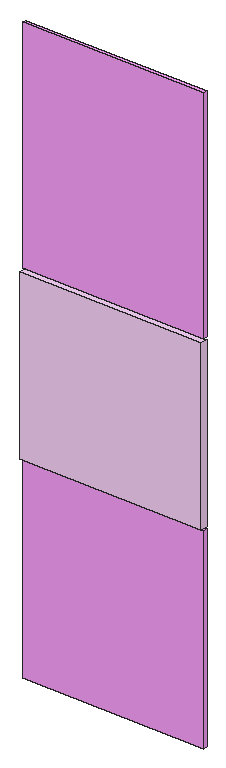
Revit family "EXP_WT-1A_CPan-002", category Curtain Panels, Revit 2021
Family settings
  OmniClass Number = 23.25.20.14.11.11.17
  OmniClass Title = Infill Panels
  Always vertical = Yes
  Cut with Voids When Loaded = No
  Shared = No
Parameters (values of type "H2 = 4'  6 1/2"")
  UI-UnitNumber [instance] = "01"
  UI-Quadrant [instance] = "SE"
  UI-ProjectAbbreviation = "NEU"
  UI-ItemCategory = "PID"
  UI-FloorNumber [instance] = "03"
  PNT-WallType = "WT1A"
  PNT-ProjectAbbreviation = "NEU"
  PNT-PanelType [instance] = "01"
  PNT-ItemCategory = "PNL"
  GlassSPH3 [instance] = 0' - 1 1/8"
  GlassSPH2(x3) [instance] = 0' - 2 3/16"
  GlassSPH1 [instance] = 0' - 1 1/8"
  GlassH3 [instance] = IG-3F(Glass)
  GlassH2 [instance] = IG-1F(Glass)
  GlassH1 [instance] = IG-3F(Glass)
  Define Thermal Properties by = Schematic Type
  CellSp = 0' - 10 3/16"
  CellL [instance] = 5' - 0"
  CellH3 [instance] = CellH - (CellH1 + CellH2)  # 5' - 4 1/2"
  CellH2 = 4' - 6 1/2"
  CellH1 = 6' - 0 1/2"
  CellH [instance] = 15' - 11 1/2"
  Analytic Construction = "<None>"
Reference planes (in)
  plane 1 "Center (Front/Back)": y = 0
  plane 2: z = 0
  plane 3 "Center (Left/Right)": x = 0
  plane 4 "Left": x = -30
  plane 5 "Right": x = 30
  plane 6 "Top": z = 191.5
  plane 7: z = 119
  plane 8: y = -10.1875
  plane 9: z = 64.5
Forms (in)
  Extrusion 1, solid, material "IG-1F(Glass)" <- "GlassH2", detail levels coarse+medium
    sketch origin (0, 0, 0) x (0, 1, 0) y (0, 0, 1)
      loop
        line (-10.1875, 119) -> (-10.1875, 64.5) -> (0, 64.5) -> (0, 119) -> (-10.1875, 119)
    from -30 to 30
  Extrusion 2, solid, material "IG-3F(Glass)" <- "GlassH1", detail levels coarse+medium
    sketch origin (0, 0, 0) x (0, 1, 0) y (0, 0, 1)
      loop
        line (-10.1875, 191.5) -> (-10.1875, 119) -> (0, 119) -> (0, 191.5) -> (-10.1875, 191.5)
    from -30 to 30
  Extrusion 3, solid, material "IG-3F(Glass)" <- "GlassH3", detail levels coarse+medium
    sketch origin (0, 0, 0) x (0, 1, 0) y (0, 0, 1)
      loop
        line (0, 64.5) -> (-10.1875, 64.5) -> (-10.1875, 0) -> (0, 0) -> (0, 64.5)
    from -30 to 30
Text (in)
  text "Exterior" at (-92.59733, 55.75508, 0), in view "Ref. Level"
  text "Exterior" at (0, 90.18664, 173.49264), in view "Left"
  text "Exterior" at (0, 52.29083, 162.21847), in view "Right"
Dimensions and locks (in)
  Extrusion 2 sketch curve to Extrusion 2 sketch curve = 0' - 10 3/16"
  equal spacing: plane 4 "Left", plane 3 "Center (Left/Right)", plane 5 "Right"
  "CellH1": plane 7 to plane 6 "Top"
  "CellH2": plane 9 to plane 7
  "CellH": plane 2 to plane 6 "Top"
  "CellSp": plane 8 to plane 1 "Center (Front/Back)"
  "CellL": plane 4 "Left" to plane 5 "Right"
  "CellH3": plane 2 to plane 9
  aligned and locked: Extrusion 1 sketch curve to plane 7
  aligned and locked: plane 8 to Extrusion 1 sketch curve
  aligned and locked: plane 1 "Center (Front/Back)" to Extrusion 1 sketch curve
  aligned and locked: plane 4 "Left" to Extrusion 1
  aligned and locked: Extrusion 1 to plane 5 "Right"
  aligned and locked: plane 6 "Top" to Extrusion 2 sketch curve
  aligned and locked: plane 8 to Extrusion 2 sketch curve
  aligned and locked: Extrusion 2 sketch curve to Extrusion 1
  aligned and locked: Extrusion 2 to plane 5 "Right"
  aligned and locked: plane 4 "Left" to Extrusion 2
  aligned and locked: level to plane 2
  aligned and locked: Extrusion 1 sketch curve to plane 9
  aligned and locked: Extrusion 3 sketch curve to Extrusion 1  (x2)
  aligned and locked: Extrusion 3 sketch curve to level
  aligned and locked: Extrusion 3 sketch curve to plane 8
  aligned and locked: Extrusion 3 to plane 5 "Right"
  aligned and locked: plane 4 "Left" to Extrusion 3
  aligned and locked: Extrusion 2 to plane 1 "Center (Front/Back)"
  aligned and locked: nested 1 to Extrusion 1
  aligned and locked: nested 1 to plane 4 "Left"
  aligned and locked: nested 1 to plane 5 "Right"
  aligned and locked: plane 6 "Top" to nested 2
  aligned and locked: nested 2 to level
  aligned and locked: plane 1 "Center (Front/Back)" to nested 3
  aligned and locked: plane 5 "Right" to nested 3
  aligned and locked: plane 4 "Left" to nested 3
  aligned and locked: Extrusion 3 to plane 2
  aligned and locked: Extrusion 2 to plane 6 "Top"
  aligned and locked: plane 1 "Center (Front/Back)" to nested 4
  aligned and locked: nested 4 to plane 6 "Top"
  aligned and locked: plane 7 to nested 4
  aligned and locked: plane 4 "Left" to nested 4
  aligned and locked: plane 5 "Right" to nested 4
  aligned and locked: plane 1 "Center (Front/Back)" to nested 5
  aligned and locked: plane 7 to nested 5
  aligned and locked: plane 9 to nested 5
  aligned and locked: plane 4 "Left" to nested 5
  aligned and locked: plane 5 "Right" to nested 5
  aligned and locked: plane 1 "Center (Front/Back)" to nested 6
  aligned and locked: plane 9 to nested 6
  aligned and locked: plane 2 to nested 6
  aligned and locked: plane 5 "Right" to nested 6
  aligned and locked: plane 4 "Left" to nested 6
Nested families (in)
  nested 1: "EXP_WT-1A_DetO-001" at (-30, 0, 0), type "EXP_WT-1A_DetO-001"
    with built-in parameter 1001306 5 (stored number, unit not read)
  nested 2: "EXP_WT-1A_DetO-004" at (0, 0, 191.5) x (0, 0, -1) z (1, 0, 0), CellH1 <- "CellH1", CellH2 <- "CellH2", type "EXP_WT-1A_DetO-004"
    with built-in parameter 1001306 15.958 (stored number, unit not read), CellH2 4' - 6 1/2", CellH1 6' - 0 1/2", CellH 15' - 11 1/2"
  nested 3: "EXP_xx_DetO-002" at (0, 0, -0.75132), CellH <- "CellH", CellL <- "CellL", type "EXP_xx_DetO-002", detail levels coarse
    with CellL 5' - 0", CellH 15' - 11 1/2"
  nested 4: "EXP_WT-1x_IG-001" at (0, 0, 155.25), MaterialGlass <- "GlassH1", GlassSP <- "GlassSPH1", type "GlassSP = H1", detail levels fine
    with MaterialGlass IG-3F(Glass), GlassSP 0' - 1 1/8", GlassL 4' - 10.12549", GlassH 5' - 10 13/16", CellL 5' - 0", CellH 6' - 0 1/2"
  nested 5: "EXP_WT-1x_IG-001" at (0, 0, 91.75), MaterialGlass <- "GlassH2", GlassSP <- "GlassSPH2(x3)", type "GlassSP = H2(x3)", detail levels fine
    with MaterialGlass IG-1F(Glass), GlassSP 0' - 2 3/16", GlassL 4' - 10.12598", GlassH 4' - 5 3/4", CellL 5' - 0", CellH 4' - 6 1/2"
  nested 6: "EXP_WT-1x_IG-001" at (0, 0, 32.25), MaterialGlass <- "GlassH3", GlassSP <- "GlassSPH1", type "GlassSP = H3", detail levels fine
    with MaterialGlass IG-3F(Glass), GlassSP 0' - 1 1/8", GlassL 4' - 10.12549", GlassH 5' - 2.56299", CellL 5' - 0", CellH 5' - 4 1/2"
Definition of nested family "EXP_WT-1x_IG-001"
  Parameters (values of type "H2 _ GlassSP = 1 1/4"")
    MaterialGlass [instance] = none
    GlassSP [instance] = 0' - 1 1/4"
    GlassL [instance] = CellL - (GlassD1 + GlassD3)  # 3' - 10.94439"
    GlassH [instance] = CellH - (GlassD2 + GlassD4)  # 6' - 6.64788"
    GlassD4 = 0' - 1.43701"
    GlassD3 = 0' - 0.93701"
    GlassD2 = 0' - 0 1/2"
    GlassD1 = 0' - 0 15/16"
    GMPI-ProjectAbbreviation = "NEU"
    GMPI-IteamCategory = "GLS"
    Default Elevation = 0' - 0"
    CellL [instance] = 4' - 0.8189"
    CellH [instance] = 6' - 8.58489"
  Types (12): name | GlassSP | GlassL | GlassH | GlassD4 | GlassD2 | GlassD1
    H2(x2) _ GlassSP = 2 1/8" | 0' - 2.12598" | 3' - 10.94488" | 6' - 6.64788" | 0' - 1.43701" | 0' - 0 1/2" | 0' - 0.93701"
    H1 _ GlassSP = 1 1/4" | 0' - 1 1/4" | 3' - 10.94439" | 6' - 6.89739" | 0' - 0 1/4" | 0' - 1 7/16" | 0' - 0 15/16"
    H2(x3) _ GlassSP = 2 1/8" | 0' - 2.12598" | 3' - 10.94488" | 6' - 7.83489" | 0' - 0 1/4" | 0' - 0 1/2" | 0' - 0.93701"
    H3 _ GlassSP = 1 1/4" | 0' - 1 1/4" | 3' - 10.94439" | 6' - 6.64788" | 0' - 1.43701" | 0' - 0 1/2" | 0' - 0 15/16"
    H _ GlassSP = 2 1/8" | 0' - 2.12598" | 3' - 10.94488" | 6' - 5.71088" | 0' - 1.43701" | 0' - 1.43701" | 0' - 0.93701"
    H _ GlassSP = 1 1/4" | 0' - 1 1/4" | 3' - 10.94439" | 6' - 5.71088" | 0' - 1.43701" | 0' - 1.43701" | 0' - 0 15/16"
    H2 _ GlassSP = 1 1/4" | 0' - 1 1/4" | 3' - 10.94439" | 6' - 6.64788" | 0' - 1.43701" | 0' - 0 1/2" | 0' - 0 15/16"
    GlassSP = H | 0' - 1 1/4" | 3' - 10.94439" | 6' - 5.71088" | 0' - 1.43701" | 0' - 1.43701" | 0' - 0 15/16"
    GlassSP = H3 | 0' - 1 1/4" | 3' - 10.94439" | 6' - 6.64788" | 0' - 1.43701" | 0' - 0 1/2" | 0' - 0 15/16"
    GlassSP = H2(x3) | 0' - 2.12598" | 3' - 10.94488" | 6' - 7.83489" | 0' - 0 1/4" | 0' - 0 1/2" | 0' - 0.93701"
    GlassSP = H2(x2) | 0' - 2.12598" | 3' - 10.94488" | 6' - 6.64788" | 0' - 1.43701" | 0' - 0 1/2" | 0' - 0.93701"
    GlassSP = H1 | 0' - 1 1/4" | 3' - 10.94439" | 6' - 6.89739" | 0' - 0 1/4" | 0' - 1 7/16" | 0' - 0 15/16"
  Reference planes (in)
    plane 1 "Center (Front/Back)": y = 0
    plane 2: z = 0
    plane 3 "Center (Left/Right)": x = 0
    plane 4: x = -24.40945
    plane 5: x = 24.40945
    plane 6: z = 40.29245
    plane 7: x = -23.47195
    plane 8: x = 23.47244
    plane 9: z = -40.29245
    plane 10: z = 39.79245
    plane 11: z = -38.85544
  Forms (in)
    Extrusion 1, solid, material <- "MaterialGlass"
      sketch origin (0, 0, 0) x (1, 0, 0) y (0, 0, 1)
        loop
          line (-23.47195, -38.85544) -> (23.47244, -38.85544) -> (23.47244, 39.79245) -> (-23.47195, 39.79245) -> (-23.47195, -38.85544)
      from 0 to 1.25 <- "GlassSP"
  Dimensions and locks (in)
    equal spacing: plane 6, level, plane 9
    "CellH": plane 6 to plane 9
    "GlassD2": plane 6 to plane 10
    "GlassD4": plane 11 to plane 9
    equal spacing: plane 4, plane 3 "Center (Left/Right)", plane 5
    "CellL": plane 4 to plane 5
    "GlassD1": plane 4 to plane 7
    "GlassD3": plane 5 to plane 8
    aligned and locked: level to plane 2
    aligned and locked: Extrusion 1 sketch curve to plane 11
    aligned and locked: Extrusion 1 sketch curve to plane 7
    aligned and locked: plane 10 to Extrusion 1 sketch curve
    aligned and locked: plane 8 to Extrusion 1 sketch curve
Definition of nested family "EXP_WT-1A_DetO-001"
  Parameters (values of type "EXP_WT-1A_DetO-001")
    built-in parameter 1001306 [instance] = 5' - 2.99213"
  Reference planes (in)
    plane 1 "Center (Front/Back)": y = 0
    plane 2: z = 0
    plane 3 "Left": x = 0
    plane 4 "Right": x = 62.99213
  Lines and regions (in)
    reference lines, in view "Ref. Level"
      curve 1: line (0, 0, 0) -> (62.99213, 0, 0)
    detail lines, in view "Ref. Level"
      curve 2: line (0.25, 0, 0) -> (0.5458, 0, 0)
      curve 3: line (0.25, 0, 0) -> (0.5458, 0, 0)
      curve 4: line (62.99213, -0.81795, 0) -> (62.99213, -10.1875, 0)
      curve 5: line (62.99213, -10.1875, 0) -> (60.99213, -10.1875, 0)
      curve 6: line (60.99213, -10.1875, 0) -> (60.99213, -2.43678, 0)
      curve 7: line (60.99213, -2.43678, 0) -> (62.44632, -2.43678, 0)
      curve 8: line (62.44632, -2.43678, 0) -> (62.44632, 0, 0)
      curve 9: line (62.44632, 0, 0) -> (62.74213, 0, 0)
      curve 10: line (62.74213, 0, 0) -> (62.74213, -0.81795, 0)
      curve 11: line (62.99213, -0.81795, 0) -> (62.74213, -0.81795, 0)
      curve 12: line (0.25, 0, 0) -> (0.25, -0.81795, 0)
      curve 13: line (0.25, 0, 0) -> (0.5458, 0, 0)
      curve 14: line (0, -0.81795, 0) -> (0.25, -0.81795, 0)
      curve 15: line (0, -0.81795, 0) -> (0, -10.1875, 0)
      curve 16: line (2, -10.1875, 0) -> (0, -10.1875, 0)
      curve 17: line (2, -2.43676, 0) -> (2, -10.1875, 0)
      curve 18: line (0.5458, -2.43676, 0) -> (2, -2.43676, 0)
      curve 19: line (0.5458, -2.43676, 0) -> (0.5458, 0, 0)
      curve 20: line (0.94241, 0, 0) -> (62.04971, 0, 0)
      curve 21: line (0.94241, -1.31, 0) -> (0.94241, 0, 0)
      curve 22: line (0.94241, -1.31, 0) -> (62.04971, -1.31, 0)
      curve 23: line (62.04971, -1.31, 0) -> (62.04971, 0, 0)
  Dimensions and locks (in)
    "built-in parameter 1001306": plane 3 "Left" to plane 4 "Right"
    aligned and locked: plane 1 "Center (Front/Back)" to curve 1
    aligned and locked: plane 3 "Left" to curve 1
    aligned and locked: plane 4 "Right" to curve 1
    aligned and locked: curve 4 to plane 4 "Right"
    aligned and locked: curve 1 to curve 13
    aligned and locked: curve 15 to plane 3 "Left"
    aligned and locked: curve 1 to curve 20
    aligned and locked: curve 5 to curve 16
  Automatic sketch dimensions
    plane 1 "Center (Front/Back)" to curve 9 = 0' - 0"
    curve 2 to curve 2 = 0' - 0.2958"
    curve 7 to plane 4 "Right" = 0' - 2"
    curve 9 to plane 4 "Right" = 0' - 0.5458"
    curve 10 to curve 4 = 0' - 0 1/4"
    plane 1 "Center (Front/Back)" to curve 4 = 0' - 0.81795"
    curve 7 to curve 10 = 0' - 1.61883"
    curve 5 to curve 7 = 0' - 7.75072"
    plane 1 "Center (Front/Back)" to curve 15 = 0' - 0.81795"
    plane 3 "Left" to curve 16 = 0' - 2"
    curve 17 to curve 12 = 0' - 1.61881"
    plane 3 "Left" to curve 20 = 0' - 0.94241"
    curve 23 to curve 10 = 0' - 0.69242"
    curve 23 to curve 10 = 0' - 0.49205"
    plane 3 "Left" to curve 14 = 0' - 0 1/4"
Definition of nested family "EXP_WT-1A_DetO-004"
  Parameters (values of type "EXP_WT-1A_DetO-004")
    built-in parameter 1001306 [instance] = 12' - 11"
    CellH2 [instance] = 5' - 8"
    CellH1 [instance] = 3' - 3"
    CellH [instance] = 12' - 11"
  Reference planes (in)
    plane 1 "Center (Front/Back)": y = 0
    plane 2: z = 0
    plane 3 "Left": x = 0
    plane 4 "Right": x = 155
    plane 5: x = 39
    plane 6: x = 107
  Lines and regions (in)
    reference lines, in view "Ref. Level"
      curve 1: line (0, 0, 0) -> (155, 0, 0)
    detail lines, in view "Ref. Level"
      curve 2: line (37.25001, -10.125, 0) -> (37.25001, -2.41263, 0)
      curve 3: line (37.25001, -2.41263, 0) -> (40.74999, -2.41263, 0)
      curve 4: line (40.74999, -2.41263, 0) -> (40.74999, -10.125, 0)
      curve 5: line (40.74999, -10.125, 0) -> (37.25001, -10.125, 0)
      curve 6: line (39.27639, -2.185, 0) -> (39.27639, 0, 0)
      curve 7: line (39.27639, 0, 0) -> (106.72361, 0, 0)
      curve 8: line (106.72361, -2.185, 0) -> (39.27639, -2.185, 0)
      curve 9: line (38.52639, -1.31, 0) -> (38.52639, 0, 0)
      curve 10: line (38.52639, 0, 0) -> (1.19241, 0, 0)
      curve 11: line (38.52639, -1.31, 0) -> (1.19241, -1.31, 0)
      curve 12: line (0, -10.125, 0) -> (2.125, -10.125, 0)
      curve 13: line (0, -0.81812, 0) -> (0, -10.125, 0)
      curve 14: line (0.5, 0, 0) -> (0.5, -0.81812, 0)
      curve 15: line (0.5, 0, 0) -> (0.7958, 0, 0)
      curve 16: line (0, -0.81812, 0) -> (0.5, -0.81812, 0)
      curve 17: line (0.7958, -2.43676, 0) -> (0.7958, 0, 0)
      curve 18: line (2.125, -2.43676, 0) -> (0.7958, -2.43676, 0)
      curve 19: line (2.125, -10.125, 0) -> (2.125, -2.43676, 0)
      curve 20: line (1.19241, -1.31, 0) -> (1.19241, 0, 0)
      curve 21: line (155, 60, 0) -> (155, -10.125, 0)
      curve 22: line (155, -10.125, 0) -> (151.625, -10.125, 0)
      curve 23: line (151.625, -10.125, 0) -> (151.625, -2.43679, 0)
      curve 24: line (151.625, -2.43679, 0) -> (154.2042, -2.43679, 0)
      curve 25: line (154.2042, -2.43679, 0) -> (154.2042, 0, 0)
      curve 26: line (154.5, 0, 0) -> (154.5, -0.81812, 0)
      curve 27: line (154.2042, 0, 0) -> (154.5, 0, 0)
      curve 28: line (155, -0.81812, 0) -> (154.5, -0.81812, 0)
      curve 29: line (155, -0.81812, 0) -> (155, -10.125, 0)
      curve 30: line (153.80789, -1.31, 0) -> (153.80789, 0, 0)
      curve 31: line (105.25001, -10.125, 0) -> (108.74999, -10.125, 0)
      curve 32: line (105.25001, -2.41263, 0) -> (105.25001, -10.125, 0)
      curve 33: line (108.74999, -10.125, 0) -> (108.74999, -2.41263, 0)
      curve 34: line (108.74999, -2.41263, 0) -> (105.25001, -2.41263, 0)
      curve 35: line (106.72361, -2.185, 0) -> (106.72361, 0, 0)
      curve 36: line (107.47361, -1.31, 0) -> (153.80789, -1.31, 0)
      curve 37: line (107.47361, -1.31, 0) -> (107.47361, 0, 0)
      curve 38: line (153.80789, 0, 0) -> (107.47361, 0, 0)
  Dimensions and locks (in)
    "built-in parameter 1001306": plane 3 "Left" to plane 4 "Right"
    "CellH": plane 3 "Left" to plane 4 "Right"
    "CellH1": plane 3 "Left" to plane 5
    "CellH2": plane 5 to plane 6
    aligned and locked: plane 1 "Center (Front/Back)" to curve 1
    aligned and locked: plane 3 "Left" to curve 1
    aligned and locked: plane 4 "Right" to curve 1
    aligned and locked: curve 1 to curve 7
    aligned and locked: curve 10 to plane 1 "Center (Front/Back)"
    aligned and locked: curve 13 to plane 3 "Left"
    aligned and locked: curve 1 to curve 15
    aligned and locked: curve 21 to plane 4 "Right"
    aligned and locked: curve 29 to plane 4 "Right"
    aligned and locked: curve 38 to curve 7
    aligned and locked: curve 5 to curve 12
    aligned and locked: curve 5 to curve 31
    aligned and locked: curve 22 to curve 31
  Automatic sketch dimensions
    plane 5 to curve 3 = 0' - 1 3/4"
    plane 1 "Center (Front/Back)" to curve 3 = 0' - 2.41263"
    curve 5 to plane 5 = 0' - 1 3/4"
    plane 5 to curve 6 = 0' - 0.27639"
    curve 6 to curve 6 = 0' - 2.185"
    curve 9 to plane 5 = 0' - 0.47361"
    plane 1 "Center (Front/Back)" to curve 12 = 0' - 10 1/8"
    plane 1 "Center (Front/Back)" to curve 13 = 0' - 0.81812"
    plane 3 "Left" to curve 14 = 0' - 0 1/2"
    curve 14 to curve 17 = 0' - 0.2958"
    curve 17 to curve 18 = 0' - 1.3292"
    curve 18 to curve 14 = 0' - 1.61864"
    curve 14 to curve 20 = 0' - 0.69242"
    curve 20 to curve 14 = 0' - 0.49188"
    curve 21 to plane 1 "Center (Front/Back)" = 5' - 0"
    curve 24 to curve 24 = 0' - 2.5792"
    plane 1 "Center (Front/Back)" to curve 27 = 0' - 0"
    curve 25 to curve 26 = 0' - 0.2958"
    curve 28 to curve 28 = 0' - 0 1/2"
    curve 30 to curve 24 = 0' - 0.39631"
    curve 24 to curve 30 = 0' - 1.12679"
    plane 1 "Center (Front/Back)" to curve 26 = 0' - 0.81812"
    curve 32 to plane 6 = 0' - 1 3/4"
    plane 6 to curve 31 = 0' - 1 3/4"
    plane 1 "Center (Front/Back)" to curve 33 = 0' - 2.41263"
    curve 35 to plane 6 = 0' - 0.27639"
    curve 36 to curve 37 = 0' - 1.31"
    plane 6 to curve 38 = 0' - 0.47361"
Definition of nested family "EXP_xx_DetO-002"
  Parameters (values of type "EXP_xx_DetO-002")
    Default Elevation = 0' - 0"
    CellL [instance] = 5' - 4.56693"
    CellH [instance] = 5' - 2.99213"
  Reference planes (in)
    plane 1 "Center (Front/Back)": y = 0
    plane 2: z = 0
    plane 3 "Center (Left/Right)": x = 0
    plane 4: x = -32.28346
    plane 5: x = 32.28346
    plane 6: z = 62.99213
  Lines and regions (in)
    model lines
      curve 1: line (-32.28346, 0, 62.99213) -> (32.28346, 0, 0)
      curve 2: line (32.28346, 0, 62.99213) -> (-32.28346, 0, 0)
  Dimensions and locks (in)
    "CellH": plane 6 to level
    equal spacing: plane 4, plane 3 "Center (Left/Right)", plane 5
    "CellL": plane 4 to plane 5
    aligned and locked: level to plane 2
  Automatic sketch dimensions
    curve 2 to level = 0' - 0"
    plane 4 to curve 2 = 0' - 0"
    plane 4 to curve 1 = 0' - 0"
    plane 5 to curve 2 = 0' - 0"
    curve 1 to level = 0' - 0"
    plane 5 to curve 1 = 0' - 0"
    curve 2 to plane 6 = 0' - 0"
    curve 1 to plane 6 = 0' - 0"
